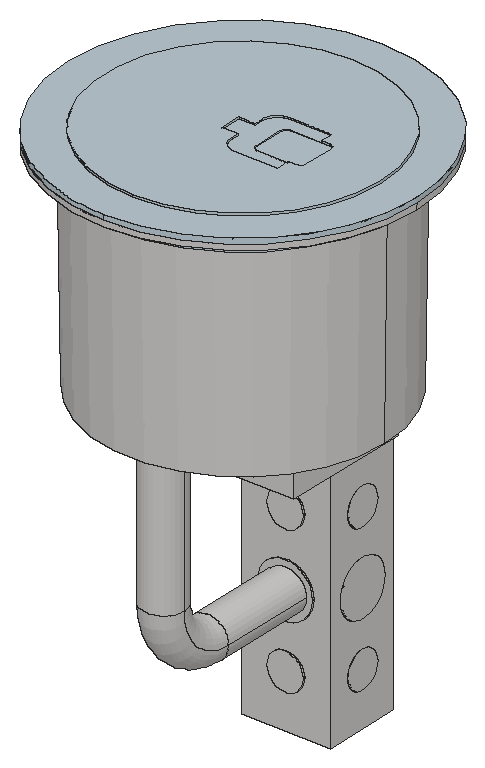
Revit family "Electrical_Equipment-Poke_Through-Hubbell_Wiring-System_One-S1R8_JNC3", category Electrical Fixtures, host Face, Revit 2015
Parameters (values of type "S1R8JNC3 Junction Box")
  Voltage = 120 V
  URL = "http://www.hubbell-wiring.com/"
  Right Side Subplate = Right Subplate : S1R8PSPZ
  Right Side Power = 2400 VA
  Product data url = "https://bimobject.com/hubbellwiring/product/systemone-s1r8"
  Product Page URL = "http://ecatalog.hubbell-wiring.com/ProductInformation/ViewCatalog.aspx?Dest=hubbell-wiring.com/press/catalog/m.pdf"
  Product Documentation Link = "http://ecatalog.hubbell-wiring.com/ProductInformation/ViewCatalog.aspx?Dest=hubbell-wiring.com/press/catalog/m.pdf"
  Power Factor = 1
  Number of Poles = 1
  Model = "S1R8PT"
  Manufacturer = "Hubbell-Wiring"  # constant formula
  Load Classification = Power
  Left Side Subplate = Left Subplate : S1R8PSPZ
  Left Side Power = 2400 VA
  Hardware Material = Metal-Hubbell-Steel
  Electrical Connector Description = "Power Connector"
  Description = "System One - 8\" Poke Through"
  Default Elevation = 0' - 0"
  Cover Material = Metal-Hubbell-Aluminum
  Conduit Connector USER NOTE = "Please note the number of conduit stubs will vary based on fitting adaptor selected, S1R8JNCx, contact Hubbell specifications for greater detail."
  Conduit Connector 4 Description = "Conduit Connector 1"
  Conduit Connector 3 Description = "Conduit Connector 1"
  Conduit Connector 2 Description = "Conduit Connector 1"
  Conduit Connector 1 Description = "Conduit Connector 1"
  Center Top Subplate = Center Subplate : S1R8CSPK
  Center Top Power = 2400 VA
  Center Middle Subplate = Center Subplate : S1R8CSPK
  Center Middle Power = 2400 VA
  Center Bottom Subplate = Center Subplate : S1R8CSPK
  Center Bottom Power = 2400 VA
  Assembly Code = "D5020115"
  Amperage Max Limit Note = "Max (5) 20 Amp Duplex Circuit"
Reference planes (in)
  plane 1 "Center (Front/Back)": y = 0
  plane 2: z = 0
  plane 3 "Center (Left/Right)": x = 0
  plane 4: y = 2.55255
Forms (in)
  Extrusion 1, solid, detail levels coarse
    sketch origin (0, 0, 0) x (1, 0, 0) y (0, 1, 0)
      loop
        circle (0, 0) r 4.75
    from 0.29672 to -15.52
Lines and regions (in)
  symbolic lines
    curve 1: circle (0, 0, 0) r 4.75 normal (0, 0, 1)
  symbolic lines, detail levels coarse
    curve 2: line (0, 3.75, 0.29672) -> (0, 3.75, -15.52)
    curve 3: line (0, 3.75, 0.29672) -> (0, -3.75, 0.29672)
    curve 4: line (0, -3.75, -15.52) -> (0, 3.75, -15.52)
    curve 5: line (0, -3.75, 0.29672) -> (0, -3.75, -15.52)
    curve 6: line (4.75, 0, 0.29672) -> (-4.75, 0, 0.29672)
    curve 7: line (4.75, 0, -15.52) -> (4.75, 0, 0.29672)
    curve 8: line (-4.75, 0, -15.52) -> (4.75, 0, -15.52)
    curve 9: line (-4.75, 0, 0.29672) -> (-4.75, 0, -15.52)
Dimensions and locks (in)
  aligned and locked: plane 2 to host face
  aligned and locked: level to host face
  aligned and locked: plane 1 "Center (Front/Back)" to nested 1
  aligned and locked: nested 2 to plane 1 "Center (Front/Back)"
  aligned and locked: Extrusion 1 sketch curve to curve 1
  aligned and locked: Extrusion 1 to curve 3
  aligned and locked: Extrusion 1 to curve 4
  aligned and locked: curve 6 to Extrusion 1
  aligned and locked: curve 7 to Extrusion 1
  aligned and locked: curve 8 to Extrusion 1
  aligned and locked: curve 9 to Extrusion 1
  aligned and locked: plane 1 "Center (Front/Back)" to nested 3
  aligned and locked: nested 1 to nested 3
  aligned and locked: nested 4 to plane 4
  aligned and locked: plane 3 "Center (Left/Right)" to nested 4
  aligned and locked: plane 3 "Center (Left/Right)" to nested 2
  aligned and locked: plane 3 "Center (Left/Right)" to nested 1
  aligned and locked: nested 1 to host face
  aligned and locked: nested 2 to nested 1
Nested families (in)
  nested 1: "Poke Through" at (0, 0, 0), type "6Plug", detail levels medium+fine
  nested 2: "Poke Through Cover" at (0, 0, 0.16) x (0, 1, 0) z (0, 0, 1), type "6Cover", detail levels medium+fine
  nested 3: "S1R8JNC3" at (0, 0, -5.9741), type "Junction Box", detail levels medium+fine
  nested 4: "Junction Box" at (0, 2.55255, -8.16115), type "Junction Box", detail levels medium+fine
  nested 5: "Center Subplate" at (-0.68219, 0.05065, 0), type "S1R8CSPEXT"
  nested 6: "Left Subplate" at (-1.05609, 0.55048, 0), type "S1R8PSPZ"
  nested 7: "Right Subplate" at (-1.15383, 0.17265, 0), type "S1R6SPM"
Connectors (in)
  electrical at (0, 2.55255, -15.11115), driven by "Number of Poles", driven by "Load Classification", driven by "Voltage", driven by "Power Factor", driven by "Electrical Connector Description"
    settings: on nested 4, index 1, voltage 120 V, apparent load 60 VA, apparent load phase1 0 VA, apparent load phase2 0 VA, apparent load phase3 0 VA, power factor 1, load classification "Power", number of poles 1, system type 30, power factor state 1, is connector primary yes, connector utility no, sub classification motor no, connector description "Power Connector"
  cabletrayconduit at (0, 1.45289, -11.63615), diameter 24, driven by "Conduit Connector 1 Description"
    settings: on nested 4, index 4, connector width 1' - 0", connector height 1' - 0", connector angle 0.00°, system type 32, placement type 1, profile type 0, connector reference index -1, is primary connector yes, connector utility param no, connector description "Conduit Connector 1"
  cabletrayconduit at (1.23966, 2.55255, -11.63615), diameter 24, driven by "Conduit Connector 2 Description"
    settings: on nested 4, index 5, connector width 1' - 0", connector height 1' - 0", connector angle 0.00°, system type 32, placement type 1, profile type 0, connector reference index -1, is primary connector no, connector utility param no, connector description "Conduit Connector 1"
  cabletrayconduit at (0, 3.6522, -11.63615), diameter 24, driven by "Conduit Connector 3 Description"
    settings: on nested 4, index 6, connector width 1' - 0", connector height 1' - 0", connector angle 0.00°, system type 32, placement type 1, profile type 0, connector reference index -1, is primary connector no, connector utility param no, connector description "Conduit Connector 1"
  cabletrayconduit at (-1.59624, 0, -8.06785), diameter 2.07812, driven by "Conduit Connector 4 Description"
    settings: on nested 3, index 7, connector width 1' - 0", connector height 1' - 0", connector angle 0.00°, system type 32, placement type 0, profile type 0, connector reference index -1, is primary connector no, connector utility param no, connector description "Conduit Connector 1"
Definition of nested family "Poke Through"
  Parameters
    Junction Box [instance] = S1R8JNC2 : S1R8JNC2
    Hardware Material = none
    Assembly Code = ""
  Reference planes (in)
    plane 1 "Center (Front/Back)": y = 0
    plane 2: z = 0
    plane 3 "Center (Left/Right)": x = 0
    plane 4: z = -8.57
    plane 5: x = -2.96875
  Forms (in)
    Extrusion 1, solid, material <- "Hardware Material", detail levels medium+fine
      sketch origin (0, 0, 0) x (1, 0, 0) y (0, 1, 0)
        loop
          circle (0, 0) r 4.765
        loop
          circle (0, 0) r 3.7723
      from 0 to 0.16
    Revolve 2, solid, material <- "Hardware Material", detail levels medium+fine
      sketch origin (0, 0, 0) x (1, 0, 0) y (0, 0, 1)
        loop
          line (-3.97982, 0) -> (-3.88731, -6.03615) -> (-3.7723, -6.03615) -> (-3.7723, 0) -> (-3.97982, 0)
        axis (0, -6.03615) -> (0, 0)
      angle from 0 to 360
    Extrusion 3, solid, material <- "Hardware Material", detail levels medium+fine
      sketch origin (0, 0, 0) x (1, 0, 0) y (0, 1, 0)
        loop
          circle (0, 0) r 3.7723
        loop
          circle (0, 2.55255) r 0.375
        loop
          circle (0, -2.7088) r 0.57
      from -5.9741 to -6.03615
    Extrusion 4, solid, material <- "Hardware Material", detail levels medium+fine
      sketch origin (0, 0, -8.16115) x (1, 0, 0) y (0, 1, 0)
        loop
          circle (0, 2.55255) r 0.375
      from 0 to 2.125
    Sweep 5, solid, material <- "Hardware Material", detail levels medium+fine
      path origin (0, 0, 0) x (0, 1, 0) y (0, 0, 1)
        loop
          line (-2.7088, -6.03615) -> (-2.7088, -10.1299)
          arc (-2.7088, -10.1299) -> (-2.26946, -11.19056) -> (-1.2088, -11.6299) r 1.5
          line (-1.2088, -11.6299) -> (1.4787, -11.6299)
      profile origin (0, -2.7088, -8.08302) x (1, 0, 0) y (0, 1, 0)
        loop
          circle (0, 0) r 0.57
  Cuts and joins
    joined: Extrusion 1, Revolve 2, Extrusion 3
  Dimensions and locks (in)
    Extrusion 1 to plane 4 = 0' - 8.73"
    aligned and locked: plane 2 to level
Definition of nested family "Poke Through Cover"
  Parameters
    Cover Material = none
    Assembly Code = ""
  Reference planes (in)
    plane 1 "Center (Front/Back)": y = 0
    plane 2: z = 0
    plane 3 "Center (Left/Right)": x = 0
    plane 4: z = -1.16328
  Forms (in)
    Extrusion 1, solid, material <- "Cover Material", detail levels medium+fine
      sketch origin (0, 0, 0) x (1, 0, 0) y (0, 1, 0)
        loop
          circle (0, 0) r 4.765
        loop
          circle (0, 0) r 3.76753
      from 0 to 0.13672
    Revolve 2, solid, material <- "Cover Material", detail levels medium+fine
      sketch origin (0, 0, 0) x (1, 0, 0) y (0, 0, 1)
        loop
          line (-3.76753, 0) -> (-4.55253, 0) -> (-4.55253, -0.31351) -> (-3.9223, -0.31351) -> (-3.9223, -0.62702) -> (-3.76753, -0.62702) -> (-3.76753, 0)
        axis (0, 0) -> (0, -0.62702)
      angle from 0 to 360
    Extrusion 3, solid, material <- "Cover Material", detail levels medium+fine
      sketch origin (0, 0, 0) x (1, 0, 0) y (0, 1, 0)
        loop
          circle (0, 0) r 3.76753
        loop
          line (-0.28775, -0.09844) -> (-0.51, -0.09844)
          arc (-0.51, -0.09844) -> (-0.82132, -0.22739) -> (-0.95027, -0.53871) r 0.44027
          line (-0.95027, -0.53871) -> (-0.95027, -1.70469) -> (-0.57549, -1.70469) -> (-0.57549, -1.91106)
          arc (-0.57549, -1.91106) -> (-0.52436, -2.03452) -> (-0.4009, -2.08565) r 0.17459
          line (-0.4009, -2.08565) -> (0.4009, -2.08565)
          arc (0.4009, -2.08565) -> (0.52436, -2.03452) -> (0.57549, -1.91106) r 0.17459
          line (0.57549, -1.91106) -> (0.57549, -1.70469) -> (0.95027, -1.70469) -> (0.95027, -0.53871)
          arc (0.95027, -0.53871) -> (0.82132, -0.22739) -> (0.51, -0.09844) r 0.44027
          line (0.51, -0.09844) -> (0.28775, -0.09844) -> (0.28775, 0.34183) -> (-0.28775, 0.34183) -> (-0.28775, -0.09844)
      from 0 to 0.1875
    Extrusion 4, solid, material <- "Cover Material", detail levels medium+fine
      sketch origin (0, 0, 0) x (1, 0, 0) y (0, 1, 0)
        loop
          line (-0.95027, -1.70469) -> (-0.57549, -1.70469) -> (-0.57549, -0.87331)
          arc (-0.57549, -0.87331) -> (-0.52436, -0.74985) -> (-0.4009, -0.69872) r 0.17459
          line (-0.4009, -0.69872) -> (0.4009, -0.69872)
          arc (0.4009, -0.69872) -> (0.52436, -0.74985) -> (0.57549, -0.87331) r 0.17459
          line (0.57549, -0.87331) -> (0.57549, -1.70469) -> (0.95027, -1.70469) -> (0.95027, -0.53871)
          arc (0.95027, -0.53871) -> (0.82132, -0.22739) -> (0.51, -0.09844) r 0.44027
          line (0.51, -0.09844) -> (0.28775, -0.09844) -> (0.28775, 0.34183) -> (-0.28775, 0.34183) -> (-0.28775, -0.09844) -> (-0.51, -0.09844)
          arc (-0.51, -0.09844) -> (-0.82132, -0.22739) -> (-0.95027, -0.53871) r 0.44027
          line (-0.95027, -0.53871) -> (-0.95027, -1.70469)
      from 0 to 0.15625
    Extrusion 5, solid, material <- "Cover Material", detail levels medium+fine
      sketch origin (0, 0, 0) x (1, 0, 0) y (0, 1, 0)
        loop
          line (-0.57549, -0.87331) -> (-0.57549, -1.91106)
          arc (-0.57549, -1.91106) -> (-0.52436, -2.03452) -> (-0.4009, -2.08565) r 0.17459
          line (-0.4009, -2.08565) -> (0.4009, -2.08565)
          arc (0.4009, -2.08565) -> (0.52436, -2.03452) -> (0.57549, -1.91106) r 0.17459
          line (0.57549, -1.91106) -> (0.57549, -0.87331)
          arc (0.57549, -0.87331) -> (0.52436, -0.74985) -> (0.4009, -0.69872) r 0.17459
          line (0.4009, -0.69872) -> (-0.4009, -0.69872)
          arc (-0.4009, -0.69872) -> (-0.52436, -0.74985) -> (-0.57549, -0.87331) r 0.17459
      from 0 to 0.15234
    Extrusion 6, solid, material <- "Cover Material", detail levels medium+fine
      sketch origin (-0.09901, -2.07318, 0) x (0, 1, 0) y (0, 0, -1)
        loop
          line (5.92511, 0.62702) -> (6.08478, 0.62702) -> (6.08478, 0.90528)
          arc (6.08478, 0.90528) -> (5.82084, 1.16922) -> (5.5569, 0.90528) r 0.26394
          line (5.5569, 0.90528) -> (5.5569, 0.62702) -> (5.71657, 0.62702) -> (5.71657, 0.93511)
          arc (5.71657, 0.93511) -> (5.82084, 1.03938) -> (5.92511, 0.93511) r 0.10427
          line (5.92511, 0.93511) -> (5.92511, 0.62702)
      from 0.26595 to 1.0493
    Extrusion 7, solid, material <- "Cover Material", detail levels medium+fine
      sketch origin (0.09901, -2.07318, 0) x (0, 1, 0) y (0, 0, 1)
        loop
          line (5.92511, -0.62702) -> (5.92511, -0.93511)
          arc (5.92511, -0.93511) -> (5.82084, -1.03938) -> (5.71657, -0.93511) r 0.10427
          line (5.71657, -0.93511) -> (5.71657, -0.62702) -> (5.5569, -0.62702) -> (5.5569, -0.90528)
          arc (5.5569, -0.90528) -> (5.82084, -1.16922) -> (6.08478, -0.90528) r 0.26394
          line (6.08478, -0.90528) -> (6.08478, -0.62702) -> (5.92511, -0.62702)
      from 0.26595 to 1.0493
  Lines and regions (in)
    Masking region 1
      outline origin (0, 0, 0) x (1, 0, 0) y (0, 1, 0)
        loop
          circle (0, 0) r 4.765
    symbolic lines
      curve 1: circle (0, 0, 0) r 3.9223 normal (0, 0, 1)
    symbolic lines, detail levels fine
      curve 2: line (-0.95027, -0.53871, 0) -> (-0.95027, -1.70469, 0)
      curve 3: line (-0.95027, -1.70469, 0) -> (-0.57549, -1.70469, 0)
      curve 4: line (-0.57549, -1.70469, 0) -> (-0.57549, -0.87331, 0)
      curve 5: arc (-0.57549, -0.87331, 0) -> (-0.52436, -0.74985, 0) -> (-0.4009, -0.69872, 0) r 0.17459
      curve 6: line (-0.4009, -0.69872, 0) -> (0.4009, -0.69872, 0)
      curve 7: arc (0.4009, -0.69872, 0) -> (0.52436, -0.74985, 0) -> (0.57549, -0.87331, 0) r 0.17459
      curve 8: line (0.57549, -0.87331, 0) -> (0.57549, -1.70469, 0)
      curve 9: line (0.57549, -1.70469, 0) -> (0.95027, -1.70469, 0)
      curve 10: line (0.95027, -1.70469, 0) -> (0.95027, -0.53871, 0)
      curve 11: arc (0.95027, -0.53871, 0) -> (0.82132, -0.22739, 0) -> (0.51, -0.09844, 0) r 0.44027
      curve 12: line (0.51, -0.09844, 0) -> (0.28775, -0.09844, 0)
      curve 13: line (0.28775, -0.09844, 0) -> (0.28775, 0.34183, 0)
      curve 14: line (0.28775, 0.34183, 0) -> (-0.28775, 0.34183, 0)
      curve 15: line (-0.28775, 0.34183, 0) -> (-0.28775, -0.09844, 0)
      curve 16: line (-0.28775, -0.09844, 0) -> (-0.51, -0.09844, 0)
      curve 17: arc (-0.51, -0.09844, 0) -> (-0.82132, -0.22739, 0) -> (-0.95027, -0.53871, 0) r 0.44027
      curve 18: line (-0.57549, -1.70469, 0) -> (-0.57549, -1.91106, 0)
      curve 19: arc (-0.57549, -1.91106, 0) -> (-0.52436, -2.03452, 0) -> (-0.4009, -2.08565, 0) r 0.17459
      curve 20: line (-0.4009, -2.08565, 0) -> (0.4009, -2.08565, 0)
      curve 21: arc (0.4009, -2.08565, 0) -> (0.52436, -2.03452, 0) -> (0.57549, -1.91106, 0) r 0.17459
      curve 22: line (0.57549, -1.91106, 0) -> (0.57549, -1.70469, 0)
  Dimensions and locks (in)
    locked: Extrusion 1 to plane 4 at 1.3
    aligned and locked: plane 2 to level
Definition of nested family "S1R8JNC3"
  Parameters
    Hardware Material = none
    Assembly Code = ""
  Reference planes (in)
    plane 1 "Center (Front/Back)": y = 0
    plane 2: z = 0
    plane 3 "Center (Left/Right)": x = 0
  Forms (in)
    Extrusion 1, solid, material <- "Hardware Material", detail levels medium+fine
      sketch origin (0, 0, 0) x (1, 0, 0) y (0, 1, 0)
        loop
          line (-2.82135, 1.71595) -> (-3.11765, 1.71595) -> (-3.24235, 1.59125) -> (-3.24235, -1.59125) -> (-3.11765, -1.71595) -> (-2.82135, -1.71595) -> (-2.82135, 1.71595)
        loop
          line (3.11765, -1.71595) -> (3.24235, -1.59125) -> (3.24235, 1.59125) -> (3.11765, 1.71595) -> (2.82135, 1.71595) -> (2.82135, -1.71595) -> (3.11765, -1.71595)
        loop
          circle (3.05529, 0) r 0.08979
        loop
          circle (-3.05529, 0) r 0.08979
      from 0 to -0.08194
    Extrusion 2, solid, material <- "Hardware Material", detail levels medium+fine
      sketch origin (0, 0, -1.03125) x (1, 0, 0) y (0, 1, 0)
        loop
          line (2.82135, 1.77282) -> (-2.82135, 1.77282) -> (-2.82135, -1.77282) -> (2.82135, -1.77282) -> (2.82135, 1.77282)
      from 0 to 1.03125
    Extrusion 3, solid, material <- "Hardware Material", detail levels medium+fine
      sketch origin (0, 0, -2.09375) x (1, 0, 0) y (0, 1, 0)
        loop
          circle (-1.59624, 0) r 1.1024
        loop
          circle (-1.59624, 0) r 1.03755
      from 0 to 1.0625
  Dimensions and locks (in)
    aligned and locked: plane 2 to level
Definition of nested family "Junction Box"
  Parameters
    Hardware Material = none
    Assembly Code = ""
  Reference planes (in)
    plane 1 "Center (Front/Back)": y = 0
    plane 2: z = 0
    plane 3 "Center (Left/Right)": x = 0
  Forms (in)
    Extrusion 1, solid, material <- "Hardware Material", detail levels medium+fine
      sketch origin (0.63008, -7.06277, -6.95) x (1, 0, 0) y (0, 1, 0)
        loop
          line (-1.83508, 5.99777) -> (0.57492, 5.99777) -> (0.57492, 8.12777) -> (-1.83508, 8.12777) -> (-1.83508, 5.99777)
      from 0 to 6.95
    Extrusion 2, solid, material <- "Hardware Material", detail levels medium+fine
      sketch origin (0, 0, 0.06788) x (1, 0, 0) y (0, 0, 1)
        loop
          circle (0, -1.54288) r 0.5
        loop
          circle (0, -3.54288) r 0.75
        loop
          circle (0, -5.54288) r 0.5
      from 1.065 to 1.09966
    Extrusion 3, solid, material <- "Hardware Material", detail levels medium+fine
      sketch origin (0, 0, 0.06788) x (-1, 0, 0) y (0, 0, 1)
        loop
          circle (0, -1.54288) r 0.5
        loop
          circle (0, -3.54288) r 0.75
        loop
          circle (0, -5.54288) r 0.5
      from 1.065 to 1.09966
    Extrusion 4, solid, material <- "Hardware Material", detail levels medium+fine
      sketch origin (0.14, 0, 0.06788) x (0, 1, 0) y (0, 0, 1)
        loop
          circle (0, -1.54288) r 0.5
        loop
          circle (0, -3.54288) r 0.75
        loop
          circle (0, -5.54288) r 0.5
      from 1.065 to 1.09966
  Dimensions and locks (in)
    aligned and locked: plane 2 to level
Definition of nested family "Center Subplate"
  Parameters
    Assembly Code = ""
  Reference planes (in)
    plane 1 "Center (Front/Back)": y = 0
    plane 2: z = 0
    plane 3 "Center (Left/Right)": x = 0
  Dimensions and locks (in)
    aligned and locked: plane 2 to level
Definition of nested family "Left Subplate"
  Parameters
    Assembly Code = ""
  Reference planes (in)
    plane 1 "Center (Front/Back)": y = 0
    plane 2: z = 0
    plane 3 "Center (Left/Right)": x = 0
  Dimensions and locks (in)
    aligned and locked: plane 2 to level
Definition of nested family "Right Subplate"
  Parameters
    Assembly Code = ""
  Reference planes (in)
    plane 1 "Center (Front/Back)": y = 0
    plane 2: z = 0
    plane 3 "Center (Left/Right)": x = 0
  Dimensions and locks (in)
    aligned and locked: plane 2 to level
